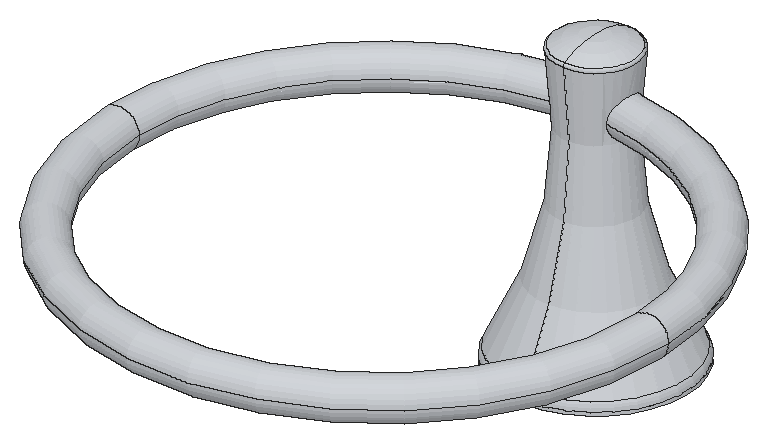
Revit family "Accessory-Towel_Ring-KOHLER-CORALAIS-K-13435T_1", category Specialty Equipment, host Face, Revit 2017
Family settings
  Host = Face
  Round Connector Dimension = Use Diameter
  Part Type = Normal
  OmniClass Number = 23.31.25.00
  OmniClass Title = Toilet and Bath Specialties
  Cut with Voids When Loaded = No
  Shared = No
  Room Calculation Point = No
Parameters (values of type "CP-Polished Chrome")
  Width = 7 1/8"  # constant formula
  WaterSense Certified = 1 = 0  # no
  URL = "http://www.kohler.com.cn/en/"
  Type = 1
  Product Page URL = "https://www.kohler.com.cn/product/K-13435T-CP/K-13435T-CP/"
  Product Name = "CORALAIS"  # constant formula
  Product Documentation Link = "https://files.kohler.com.cn/pdfs/13430t_13428t.pdf"
  Model = if(Type = 1, "K-13435T-CP", if(Type = 2, "K-13435T-AF", if(Type = 3, "K-13435T-BL", "NA")))  # "K-13435T-CP"
  Material = "Premium Metal Construction"  # constant formula
  Master Format 2014 Name = "Toilet, Bath, and Laundry Accessories"  # constant formula
  Master Format 2014 = "10 28 00"  # constant formula
  Manufacturer Address = "Kohler Beijing Office (100016) 36-2-03-B, No. 88, Liuxiang Road, Beijing"  # constant formula
  Manufacturer = "KOHLER Co."  # constant formula
  Length = 3.66535"  # constant formula
  Height = 8"  # constant formula
  Finish = Kohler-Metal-CP-Polished_Chrome
  Environmental Product Declaration = ""
  Description = "Towel Ring"  # constant formula
  Default Elevation = 42"
  Declare Label = ""
  Date Modified = "07/08/2020"  # constant formula
  Date Created = "07/08/2020"  # constant formula
  Copyright = "Copyright KOHLER Co."  # constant formula
  Contact Us = "http://www.kohler.com.cn/en/contact/contact-us/"
  Assembly Code = "C1030200"
  ADA Compliant = 1 = 0  # no
Types (4): name | Type | Product Page URL | Model | Finish
  (no name) | 1 | "https://www.kohler.com.cn/product/K-13435T-CP/K-13435T-CP/" | "K-13435T-CP" | Kohler-Metal-CP-Polished_Chrome
  CP-Polished Chrome | 1 | "https://www.kohler.com.cn/product/K-13435T-CP/K-13435T-CP/" | "K-13435T-CP" | Kohler-Metal-CP-Polished_Chrome
  AF-Flange Gold | 2 | "https://www.kohler.com.cn/product/K-13435T-CP/K-13435T-AF/" | "K-13435T-AF" | Kohler-Metal-AF-Flange_Gold
  BL-Matte Black | 3 | "https://www.kohler.com.cn/product/K-13435T-CP/K-13435T-BL/" | "K-13435T-BL" | Kohler-Metal-BL-Matte_Black
Reference planes (in)
  plane 1 "Center (Front/Back)": y = 0
  plane 2: z = 0
  plane 3 "Center (Left/Right)": x = 0
  plane 4: y = 1.15152
  plane 5: x = 3.55782
  plane 6: x = -3.56718
  plane 7: y = -6.84848
  plane 8: z = 3.66535
  plane 9: y = -1.15152
  plane 10: x = -1.15313
  plane 11: x = 1.15313
  plane 12: z = 0.17883
  plane 13: z = 2.31622
  plane 14: z = 3.14378
  plane 15: z = 2.89369
  plane 16: z = 2.64361
Dimensions and locks (in)
  "Width": plane 6 to plane 5
  "Length": plane 8 to level
  "Height": plane 4 to plane 7
  aligned and locked: plane 2 to host face
  aligned and locked: level to host face
Automatic sketch dimensions
  host sketch curve to host sketch curve = 96"  (x2)
Nested families (in)
  nested 1: "K-13435T" at (0, 0, 0), type "K-13435T"
Definition of nested family "K-13435T"
  Parameters (values of type "K-13435T")
    Material = none
  Reference planes (in)
    plane 1 "Center (Front/Back)": y = 0
    plane 2: z = 0
    plane 3 "Center (Left/Right)": x = 0
    plane 4: y = 1.02652
    plane 5: y = -1.15152
    plane 6: x = 1.15313
    plane 7: x = -1.15313
    plane 8: y = -6.8475
    plane 9: z = 3.66384
    plane 10: x = 3.53438
    plane 11: x = -3.5916
    plane 12: y = 1.15152
    plane 13: z = 2.31622
    plane 14: z = 2.27457
    plane 15: z = 0.05697
    plane 16: z = 0.20101
    plane 17: z = 0.17883
  Forms (in)
    Sweep 1, solid, material <- "Material", detail levels medium+fine
      path origin (0, 0, 0) x (1, 0, 0) y (0, 1, 0)
        loop
          circle (0, -3.33269) r 3.33269
      profile origin (0, -6.66538, 0) x (0, -1, 0) y (0, 0, 1)
        loop
          circle (0, 2.89349) r 0.25
    Revolve 2, solid, material <- "Material", detail levels medium+fine
      sketch origin (0, 0, 0) x (0, 1, 0) y (0, 0, 1)
        loop
          line (-0.00003, -0.00001) -> (-0.00003, 3.66089)
          arc (-0.00003, 3.66089) -> (-0.25091, 3.64008) -> (-0.48504, 3.54759) r 0.86087
          arc (-0.48504, 3.54759) -> (-0.50254, 3.52849) -> (-0.50587, 3.50279) r 0.04297
          arc (-0.50587, 3.50279) -> (-0.50982, 1.77155) -> (-1.1217, 0.15204) r 4.84904
          arc (-1.1217, 0.15204) -> (-1.14398, 0.10015) -> (-1.15159, 0.04421) r 0.20948
          line (-1.15159, 0.04421) -> (-1.15159, -0.00001) -> (-0.00003, -0.00001)
        axis (-0.00003, 3.66089) -> (-0.00003, -0.00001)
      angle from 0 to 360
    Revolve 3, solid, material <- "Material", detail levels coarse
      sketch origin (0, 0, 0) x (0, 1, 0) y (0, 0, 1)
        loop
          line (0, 0) -> (1.15151, 0) -> (0.56183, 3.20856)
          arc (0.56183, 3.20856) -> (0.3656, 3.54422) -> (0, 3.67654) r 0.57124
          line (0, 3.67654) -> (0, 0)
        axis (0, 3.67654) -> (0, 0)
      angle from 0 to 360
    Sweep 4, solid, material <- "Material", detail levels coarse
      path origin (0, 0, 0) x (1, 0, 0) y (0, 1, 0)
        loop
          circle (0, -3.33255) r 3.33252
      profile origin (0, -0.00003, 0) x (0, -1, 0) y (0, 0, 1)
        loop
          circle (0.01913, 2.89349) r 0.25
  Cuts and joins
    joined: Sweep 1, Revolve 2
    joined: Revolve 3, Sweep 4
  Lines and regions (in)
    Masking region 1
      outline origin (0, 0, 0) x (1, 0, 0) y (0, 0, 1)
        loop
          line (-1.15313, 0) -> (1.15313, 0)
          arc (1.15313, 0) -> (1.14371, 0.102) -> (1.09863, 0.19397) r 0.28327
          arc (1.09863, 0.19397) -> (0.59837, 1.37335) -> (0.43066, 2.64341) r 4.76122
          line (0.43066, 2.64341) -> (3.28782, 2.64341)
          arc (3.28782, 2.64341) -> (3.53786, 2.89345) -> (3.28782, 3.14349) r 0.25004
          line (3.28782, 3.14349) -> (0.45565, 3.14349)
          arc (0.45565, 3.14349) -> (0.47892, 3.32615) -> (0.5068, 3.50817) r 7.27896
          arc (0.5068, 3.50817) -> (0.49964, 3.53692) -> (0.47495, 3.5533) r 0.04091
          arc (0.47495, 3.5533) -> (0.24518, 3.64168) -> (0, 3.66384) r 0.89129
          arc (0, 3.66384) -> (-0.24518, 3.64168) -> (-0.47495, 3.5533) r 0.89129
          arc (-0.47495, 3.5533) -> (-0.49964, 3.53692) -> (-0.5068, 3.50817) r 0.04091
          arc (-0.5068, 3.50817) -> (-0.47892, 3.32615) -> (-0.45565, 3.14349) r 7.27896
          line (-0.45565, 3.14349) -> (-3.33143, 3.14349)
          arc (-3.33143, 3.14349) -> (-3.58147, 2.89345) -> (-3.33143, 2.64341) r 0.25004
          line (-3.33143, 2.64341) -> (-0.43066, 2.64341)
          arc (-0.43066, 2.64341) -> (-0.59837, 1.37335) -> (-1.09863, 0.19397) r 4.76122
          arc (-1.09863, 0.19397) -> (-1.14371, 0.102) -> (-1.15313, 0) r 0.28327
    Masking region 2
      outline origin (0, 0, 0) x (0, 1, 0) y (0, 0, 1)
        loop
          arc (1.09262, 0.20101) -> (0.50509, 1.8024) -> (0.50677, 3.50817) r 4.86248
          arc (0.50677, 3.50817) -> (0.49961, 3.53692) -> (0.47492, 3.5533) r 0.04092
          arc (0.47492, 3.5533) -> (0.24515, 3.6416) -> (0, 3.66384) r 0.89325
          arc (0, 3.66384) -> (-0.24515, 3.6416) -> (-0.47492, 3.5533) r 0.89325
          arc (-0.47492, 3.5533) -> (-0.49961, 3.53692) -> (-0.50677, 3.50817) r 0.04092
          arc (-0.50677, 3.50817) -> (-0.47774, 3.3264) -> (-0.45561, 3.14366) r 4.86248
          line (-0.45561, 3.14366) -> (-6.59898, 3.14366)
          arc (-6.59898, 3.14366) -> (-6.84901, 2.89363) -> (-6.59898, 2.64361) r 0.25002
          line (-6.59898, 2.64361) -> (-0.43055, 2.64361)
          arc (-0.43055, 2.64361) -> (-0.59989, 1.37848) -> (-1.09262, 0.20101) r 4.86248
          arc (-1.09262, 0.20101) -> (-1.14203, 0.10635) -> (-1.15152, -0.00001) r 0.27406
          line (-1.15152, -0.00001) -> (-0.00003, -0.00001) -> (1.15152, -0.00001)
          arc (1.15152, -0.00001) -> (1.14203, 0.10635) -> (1.09262, 0.20101) r 0.27406
    Masking region 3
      outline origin (0, 0, 0) x (1, 0, 0) y (0, 1, 0)
        loop
          arc (1.15086, 0.03988) -> (0, 1.15152) -> (-1.15086, 0.03988) r 1.15155
          arc (-1.15086, 0.03988) -> (0, -6.8475) -> (1.15086, 0.03988) r 3.53984
        loop
          arc (-1.05689, -0.45725) -> (0, -6.39595) -> (1.05689, -0.45725) r 3.06339
          arc (1.05689, -0.45725) -> (0, -1.15159) -> (-1.05689, -0.45725) r 1.15155
    symbolic lines, detail levels medium+fine
      curve 1: line (-0.47495, 0, 3.5533) -> (0.47495, 0, 3.5533)
      curve 2: line (0.5068, 0, 3.50817) -> (-0.5068, 0, 3.50817)
      curve 3: line (-1.09265, 0, 0.20101) -> (1.09265, 0, 0.20101)
      curve 4: line (0, 0.47492, 3.5533) -> (0, -0.47499, 3.5533)
      curve 5: line (0, 0.50677, 3.50817) -> (0, -0.50684, 3.50817)
      curve 6: line (0, 1.09262, 0.20101) -> (0, -1.09269, 0.20101)
      curve 7: line (0, -0.4557, 3.14378) -> (0, 0.00024, 3.14378)
      curve 8: line (0, -0.4306, 2.64361) -> (0, 0.00024, 2.64361)
      curve 9: arc (0, 0.00024, 3.14378) -> (0, 0.25033, 2.89369) -> (0, 0.00024, 2.64361) r 0.25009
      curve 10: arc (-0.41074, -0.29682, 0) -> (-0.73819, -0.35943, 0) -> (-1.05689, -0.45725, 0) r 3.06339
      curve 11: circle (0, -0.00003, 0) r 0.47495 normal (0, 0, 1)
      curve 12: circle (0, 0, 0) r 0.50677 normal (0, 0, -1)
      curve 13: arc (-1.15086, 0.03988, 0) -> (-0.81288, 0.13698, 0) -> (-0.46654, 0.19787, 0) r 3.32824
      curve 14: arc (1.15086, 0.03988, 0) -> (0.81288, 0.13698, 0) -> (0.46654, 0.19787, 0) r 3.32824
      curve 15: arc (0.42961, 0, 2.64304) -> (0.36669, 0, 2.89744) -> (0.45581, 0, 3.14388) r 0.45109
      curve 16: arc (-0.45501, 0, 3.14388) -> (-0.37004, 0, 2.897) -> (-0.43065, 0, 2.64304) r 0.46774
      curve 17: arc (1.05689, -0.45725, 0) -> (0.73819, -0.35943, 0) -> (0.41074, -0.29682, 0) r 3.06339
      curve 18: line (1.1525, 0, 0.05697) -> (-1.1525, 0, 0.05697)
      curve 19: line (1.1091, 0, 0.17883) -> (-1.1091, 0, 0.17883)
      curve 20: line (0.44071, 0, 2.31622) -> (-0.44071, 0, 2.31622)
      curve 21: line (0.44361, 0, 2.27457) -> (-0.44361, 0, 2.27457)
      curve 22: line (0, 1.15152, 0.05697) -> (0, -1.15152, 0.05697)
      curve 23: line (0, -1.10869, 0.17883) -> (0, 1.10869, 0.17883)
      curve 24: line (0, 0.44205, 2.31622) -> (0, -0.44219, 2.31622)
      curve 25: line (0, 0.4451, 2.27457) -> (0, -0.44523, 2.27457)
  Dimensions and locks (in)
    plane 4 to plane 8 = 7.87402"
    plane 11 to plane 10 = 7.12598"
    plane 9 to level = 3.66384"
    level to plane 9 = 3.66384"
    aligned and locked: plane 2 to level
